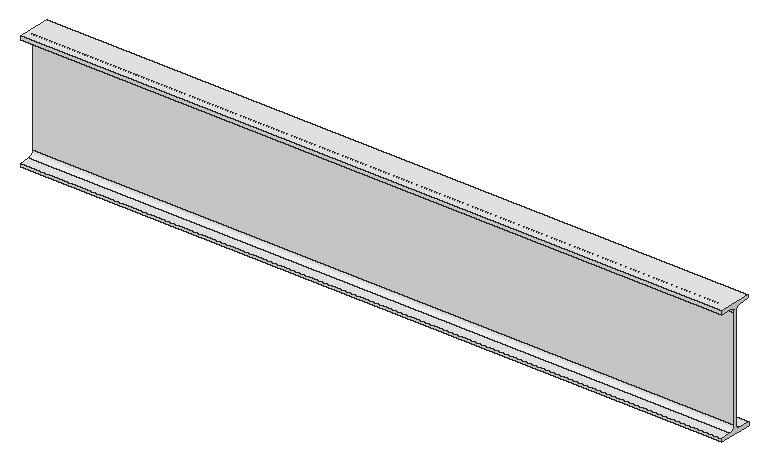
Revit family "M_M-Flanges extensas mistas", category Quadro estrutural, Revit 2019
Family settings
  Arredondamento do comprimento do framing estrutural = 0 mm
  Forma do corte = Não definido
  Material para o comportamento do modelo = Aço
  Exportar sempre como geometria = Não
  Número OmniClass = 23.25.30.11.14.14
  Título OmniClass = Beams
  ID de item do Seek = M-Miscellaneous Wide Flange-0000-CAN-ENU
  Sempre na vertical = Sim
  Corte com vazios quando carregada = Não
  Representação simbólica = Das configurações de projeto
  Compartilhado = Não
  Exibir o pré-corte da família na vista da planta = Sim
Parameters (values of type "M200X9.7")
  W = 0.095
  Structural Material [instance] = Aço, 45-345
  Assembly Code = ""
  Length [instance] = 1524 mm
  bf = 57.9 mm
  d = 203 mm
  k = 14 mm
  tr = k - tf  # 9 mm
  tf = 5 mm
  tw = 3.4 mm
  A = 0.001 m²
Types (2, lengths in mm): name | W | bf | d | tw | A
  M310X16.1 | 0.158 | 77.9 | 304 | 4.1 | 0.00205 m²
  M200X9.7 | 0.095 | 57.9 | 203 | 3.4 | 0.001 m²
Reference planes
  plane 1 "Centro (Frente/Trás)": y = 0
  plane 2: z = 0
  plane 3 "Centro (Esquerda/Direita)": x = 4.61
  plane 4 "Membro esquerdo": x = -604.99
  plane 5 "Membro direito": x = 614.21
  plane 6: y = 28.95
  plane 7: y = -28.95
  plane 8 "Superior": z = 101.5
  plane 9: z = -101.5
  plane 10 "Esquerda": x = -757.39
  plane 11 "Direita": x = 766.61
Forms (mm)
  Sweep 1, solid, material "Aço, 45-345" <- "Structural Material", detail levels medium
    path origin (0, 0, 0) x (1, 0, 0) y (0, 1, 0)
      loop
        line (614.21, 0) -> (-604.99, 0)
    profile "M_W-Flange ampla-Perfil-Médio : M_W-Flange ampla-Perfil-Médio" origin (4.61, 0, 0) x (0, -1, 0) y (0, 0, 1)
      loop
        line (-28.95, -101.5) -> (28.95, -101.5) -> (28.95, -96.5) -> (1.7, -96.5) -> (1.7, 96.5) -> (28.95, 96.5) -> (28.95, 101.5) -> (-28.95, 101.5) -> (-28.95, 96.5) -> (-1.7, 96.5) -> (-1.7, -96.5) -> (-28.95, -96.5) -> (-28.95, -101.5)
  Sweep 2, solid, material "Aço, 45-345" <- "Structural Material", detail levels fine
    path origin (0, 0, 0) x (1, 0, 0) y (0, 1, 0)
      loop
        line (614.21, 0) -> (-604.99, 0)
    profile "M_W-Flange ampla-Perfil-Alto : M_W-Flange ampla-Perfil-Alto" origin (4.61, 0, 0) x (0, -1, 0) y (0, 0, 1)
      loop
        line (-28.95, -101.5) -> (28.95, -101.5) -> (28.95, -96.5) -> (10.7, -96.5)
        arc (10.7, -96.5) -> (4.336, -93.864) -> (1.7, -87.5) r 9
        line (1.7, -87.5) -> (1.7, 87.5)
        arc (1.7, 87.5) -> (4.336, 93.864) -> (10.7, 96.5) r 9
        line (10.7, 96.5) -> (28.95, 96.5) -> (28.95, 101.5) -> (-28.95, 101.5) -> (-28.95, 96.5) -> (-10.7, 96.5)
        arc (-10.7, 96.5) -> (-4.336, 93.864) -> (-1.7, 87.5) r 9
        line (-1.7, 87.5) -> (-1.7, -87.5)
        arc (-1.7, -87.5) -> (-4.336, -93.864) -> (-10.7, -96.5) r 9
        line (-10.7, -96.5) -> (-28.95, -96.5) -> (-28.95, -101.5)
Lines and regions (mm)
  symbolic lines, style "Faces ocultas", detail levels medium+fine
    curve 1: line (614.21, -1.7, 0) -> (-604.99, -1.7, 0)
    curve 2: line (614.21, 1.7, 0) -> (-604.99, 1.7, 0)
  symbolic lines, style "Símbolos de vara", detail levels coarse
    curve 3: line (4.61, 28.95, 101.5) -> (4.61, -28.95, 101.5)
    curve 4: line (4.61, -28.95, -101.5) -> (4.61, 28.95, -101.5)
    curve 5: line (4.61, 0, -101.5) -> (4.61, 0, 101.5)
Dimensions and locks
  "bf": plane 6 to plane 7
  "d": plane 9 to plane 8 "Superior"
  equal spacing: plane 9, plane 2, plane 8 "Superior"
  equal spacing: plane 6, plane 1 "Centro (Frente/Trás)", plane 7
  "Length": plane 10 "Esquerda" to plane 11 "Direita"
  "tw": curve 2 to curve 1
  equal spacing: curve 2, plane 1 "Centro (Frente/Trás)", curve 1
  aligned and locked: Sweep 1 sketch curve to plane 1 "Centro (Frente/Trás)"
  aligned and locked: Sweep 2 sketch curve to plane 1 "Centro (Frente/Trás)"
  aligned and locked: Sweep 2 to curve 3  (x2)
  aligned and locked: Sweep 2 to curve 4  (x2)
  aligned and locked: curve 4 to Sweep 2
  aligned and locked: curve 3 to Sweep 2
  aligned and locked: plane 4 "Membro esquerdo" to Sweep 2 sketch curve
  aligned and locked: plane 5 "Membro direito" to Sweep 2 sketch curve
  aligned and locked: plane 4 "Membro esquerdo" to Sweep 1 sketch curve
  aligned and locked: plane 5 "Membro direito" to Sweep 1 sketch curve
  aligned and locked: plane 5 "Membro direito" to curve 2
  aligned and locked: plane 5 "Membro direito" to curve 1
  aligned and locked: plane 4 "Membro esquerdo" to curve 2
  aligned and locked: plane 4 "Membro esquerdo" to curve 1
Automatic sketch dimensions
  curve 5 to plane 1 "Centro (Frente/Trás)" = 0 mm
Types in the file's own list only (10): name | W | bf | d | k | tr | tw | A
  M310X17.6 | 0.172 | 78 mm | 305 mm | 14 mm | 9 mm | 5 mm | 0.00 m²
  M310X14.9 | 0.146 | 83 mm | 304 mm | 12 mm | 7 mm | 4 mm | 0.00 m²
  M250X13.4 | 0.131 | 68 mm | 254 mm | 14 mm | 9 mm | 4 mm | 0.00 m²
  M250X11.9 | 0.117 | 68 mm | 253 mm | 13 mm | 8 mm | 4 mm | 0.00 m²
  M250X11.2 | 0.109 | 68 mm | 254 mm | 11 mm | 6 mm | 3 mm | 0.00 m²
  M200X9.2 | 0.091 | 58 mm | 203 mm | 10 mm | 5 mm | 3 mm | 0.00 m²
  M150X6.6 | 0.064 | 47 mm | 152 mm | 9 mm | 4 mm | 3 mm | 0.00 m²
  M150X5.5 | 0.054 | 51 mm | 150 mm | 8 mm | 3 mm | 3 mm | 0.00 m²
  M130X28.1 | 0.276 | 127 mm | 127 mm | 22 mm | 17 mm | 8 mm | 0.00 m²
  M100X8.9 | 0.088 | 97 mm | 97 mm | 13 mm | 8 mm | 3 mm | 0.00 m²
